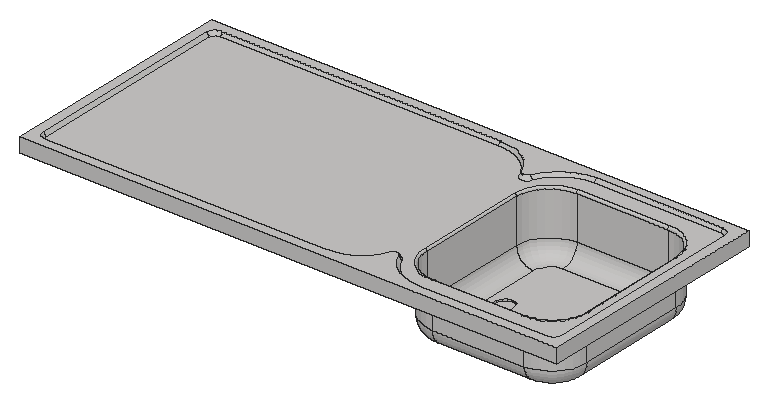
Revit family
Parameters (values of type "1200 X 535")
  Waste Connection Diameter = 40 mm
  Width Of Bowl = 400 mm
  Waste Connection Radius = Waste Connection Diameter / 2  # 20 mm
  Waste Connection = 1 = 1  # yes
  WFU = 0
  Vent Connection = 1 = 0  # no
  URL = "http://www.autospec.co.za/browse.php?id=1937217983"
  Product Code = "SSO-1200-SE"
  OmniClass Title = ""
  OmniClass Number = ""
  Modspec Classification = ""
  Specification = ""
  Material = Stainless Steel Grade 304
  Location (revit room) = ""
  Length Of Bowl = 355 mm
  HW Connection = 1 = 0  # no
  Description = ""
  Depth Of Bowl = 150 mm
  Colour = none
  CW Connection = 1 = 0  # no
  Body Finish = none
  Width = 535 mm
  Model = "Right Hand Sit-On Sink Single End Bowl SSO-1200-SE"
  Manufacturer = "Kwikot"  # constant formula
  Length = 1200 mm
  Assembly Code = "D2010410"
Reference planes
  plane 1 "Center (Front/Back)": y = 0
  plane 2 "Bottom": z = 0
  plane 3 "Center (Left/Right)": x = 0
  plane 4 "Right": x = 1200
  plane 5 "Back": y = 535
  plane 6 "Top": z = 150
  plane 7: z = 118
  plane 8: x = 795
  plane 9: x = 1150
  plane 10: y = 267.5
  plane 11: y = 467.5
  plane 12: y = 67.5
  plane 13: x = 972.5
  plane 14: z = 142
Forms (mm)
  Sweep 1, solid, material "Stainless Steel Grade 304" <- "Material"
    path origin (-60.109, -1524, 150) x (-1, 0, 0) y (0, -1, 0)
      loop
        line (-60.109, -2059) -> (-60.109, -1524) -> (-1260.109, -1524) -> (-1260.109, -2059) -> (-60.109, -2059)
    profile origin (600, 535, 150) x (0, 1, 0) y (0, 0, 1)
      loop
        line (-15, 0) -> (-15, -10.5) -> (-2.5, -10.5) -> (-2.5, -29.5) -> (-10, -29.5) -> (-10, -32) -> (0, -32) -> (0, 0) -> (-15, 0)
  Extrusion 2, solid, material "Stainless Steel Grade 304" <- "Material"
    sketch origin (-60.109, -1524, 150) x (-1, 0, 0) y (0, -1, 0)
      loop
        line (-75.109, -1539) -> (-1245.109, -1539) -> (-1245.109, -2044) -> (-75.109, -2044) -> (-75.109, -1539)
    from 0 to -10.5
  Extrusion 3, void
    sketch origin (-60.109, -1524, 150) x (0, -1, 0) y (-1, 0, 0)
      loop
        line (-1991.5, -930.109) -> (-1991.5, -1135.109)
        arc (-1991.5, -1135.109) -> (-1969.533, -1188.142) -> (-1916.5, -1210.109) r 75
        line (-1916.5, -1210.109) -> (-1666.5, -1210.109)
        arc (-1666.5, -1210.109) -> (-1613.467, -1188.142) -> (-1591.5, -1135.109) r 75
        line (-1591.5, -1135.109) -> (-1591.5, -930.109)
        arc (-1591.5, -930.109) -> (-1613.467, -877.076) -> (-1666.5, -855.109) r 75
        line (-1666.5, -855.109) -> (-1916.5, -855.109)
        arc (-1916.5, -855.109) -> (-1969.533, -877.076) -> (-1991.5, -930.109) r 75
    from 0 to 10.5
  Sweep 4, solid, material "Stainless Steel Grade 304" <- "Material"
    path origin (-60.109, -1524, 150) x (-1, 0, 0) y (0, -1, 0)
      loop
        arc (-930.109, -1991.5) -> (-877.076, -1969.533) -> (-855.109, -1916.5) r 75
        line (-855.109, -1916.5) -> (-855.109, -1666.5)
        arc (-855.109, -1666.5) -> (-877.076, -1613.467) -> (-930.109, -1591.5) r 75
        line (-930.109, -1591.5) -> (-1135.109, -1591.5)
        arc (-1135.109, -1591.5) -> (-1188.142, -1613.467) -> (-1210.109, -1666.5) r 75
        line (-1210.109, -1666.5) -> (-1210.109, -1916.5)
        arc (-1210.109, -1916.5) -> (-1188.142, -1969.533) -> (-1135.109, -1991.5) r 75
        line (-1135.109, -1991.5) -> (-930.109, -1991.5)
    profile origin (972.5, 467.5, 150) x (0, 1, 0) y (0, 0, 1)
      loop
        line (0, -10.5) -> (0, -110)
        arc (0, -110) -> (-10.983, -136.517) -> (-37.5, -147.5) r 37.5
        line (-37.5, -147.5) -> (-37.5, -150)
        arc (-37.5, -150) -> (-9.216, -138.284) -> (2.5, -110) r 40
        line (2.5, -110) -> (2.5, -10.5) -> (0, -10.5)
  Extrusion 5, solid, material "Stainless Steel Grade 304" <- "Material"
    sketch origin (0, 0, 0) x (1, 0, 0) y (0, 1, 0)
      loop
        arc (832.5, 142.5) -> (843.483, 115.983) -> (870, 105) r 37.5
        line (870, 105) -> (1075, 105)
        arc (1075, 105) -> (1101.517, 115.983) -> (1112.5, 142.5) r 37.5
        line (1112.5, 142.5) -> (1112.5, 392.5)
        arc (1112.5, 392.5) -> (1101.517, 419.017) -> (1075, 430) r 37.5
        line (1075, 430) -> (870, 430)
        arc (870, 430) -> (843.483, 419.017) -> (832.5, 392.5) r 37.5
        line (832.5, 392.5) -> (832.5, 142.5)
      loop
        circle (870, 267.5) r 20
    from 0 to 2.5
  Blend 6, void
    base sketch origin (0, 0, 150) x (-1, 0, 0) y (0, -1, 0)
      loop
        line (-20, -495) -> (-20, -40)
        arc (-20, -40) -> (-25.858, -25.858) -> (-40, -20) r 20
        line (-40, -20) -> (-662.5, -20)
        arc (-662.5, -20) -> (-721.199, -37.44) -> (-760.851, -84.103) r 107.5
        arc (-760.851, -84.103) -> (-770, -90.066) -> (-779.149, -84.103) r 10
        arc (-779.149, -84.103) -> (-818.801, -37.44) -> (-877.5, -20) r 107.5
        line (-877.5, -20) -> (-1160, -20)
        arc (-1160, -20) -> (-1174.142, -25.858) -> (-1180, -40) r 20
        line (-1180, -40) -> (-1180, -495)
        arc (-1180, -495) -> (-1174.142, -509.142) -> (-1160, -515) r 20
        line (-1160, -515) -> (-877.5, -515)
        arc (-877.5, -515) -> (-818.801, -497.56) -> (-779.149, -450.897) r 107.5
        arc (-779.149, -450.897) -> (-770, -444.934) -> (-760.851, -450.897) r 10
        arc (-760.851, -450.897) -> (-721.199, -497.56) -> (-662.5, -515) r 107.5
        line (-662.5, -515) -> (-40, -515)
        arc (-40, -515) -> (-25.858, -509.142) -> (-20, -495) r 20
    top sketch origin (0, 0, 150) x (-1, 0, 0) y (0, -1, 0)
      loop
        line (-25, -495) -> (-25, -40)
        arc (-25, -40) -> (-29.393, -29.393) -> (-40, -25) r 15
        line (-40, -25) -> (-662.5, -25)
        arc (-662.5, -25) -> (-718.468, -41.629) -> (-756.277, -86.121) r 102.5
        arc (-756.277, -86.121) -> (-770, -95.066) -> (-783.723, -86.121) r 15
        arc (-783.723, -86.121) -> (-821.532, -41.629) -> (-877.5, -25) r 102.5
        line (-877.5, -25) -> (-1160, -25)
        arc (-1160, -25) -> (-1170.607, -29.393) -> (-1175, -40) r 15
        line (-1175, -40) -> (-1175, -495)
        arc (-1175, -495) -> (-1170.607, -505.607) -> (-1160, -510) r 15
        line (-1160, -510) -> (-877.5, -510)
        arc (-877.5, -510) -> (-821.532, -493.371) -> (-783.723, -448.879) r 102.5
        arc (-783.723, -448.879) -> (-770, -439.934) -> (-756.277, -448.879) r 15
        arc (-756.277, -448.879) -> (-718.468, -493.371) -> (-662.5, -510) r 102.5
        line (-662.5, -510) -> (-40, -510)
        arc (-40, -510) -> (-29.393, -505.607) -> (-25, -495) r 15
    from 0 to -8
  Extrusion 7, solid, material "Stainless Steel Grade 304" <- "Material"
    sketch origin (0, 0, 0) x (1, 0, 0) y (0, 1, 0)
      loop
        circle (870, 267.5) r 20
    from 0 to -5
  Sweep 8, void
    path origin (-60.109, -1524, 150) x (-1, 0, 0) y (0, -1, 0)
      loop
        line (-1135.109, -1991.5) -> (-930.109, -1991.5)
        arc (-930.109, -1991.5) -> (-877.076, -1969.533) -> (-855.109, -1916.5) r 75
        line (-855.109, -1916.5) -> (-855.109, -1666.5)
        arc (-855.109, -1666.5) -> (-877.076, -1613.467) -> (-930.109, -1591.5) r 75
        line (-930.109, -1591.5) -> (-1135.109, -1591.5)
        arc (-1135.109, -1591.5) -> (-1188.142, -1613.467) -> (-1210.109, -1666.5) r 75
        line (-1210.109, -1666.5) -> (-1210.109, -1916.5)
        arc (-1210.109, -1916.5) -> (-1188.142, -1969.533) -> (-1135.109, -1991.5) r 75
    profile origin (972.5, 467.5, 150) x (0, -1, 0) y (0, 0, 1)
      loop
        line (0, -8) -> (-5, -8)
        arc (-5, -8) -> (-1.464, -9.464) -> (0, -13) r 5
        line (0, -13) -> (0, -8)
Cuts and joins
  Extrusion 3, Blend 6, Sweep 8 cuts Sweep 1
  Extrusion 3, Blend 6, Sweep 8 cuts Extrusion 2
  Blend 6, Sweep 8 cuts Sweep 4
  Blend 6, Sweep 8 cuts Extrusion 5
  Sweep 8 cuts Extrusion 7
  joined: Sweep 1, Extrusion 2, Sweep 4, Extrusion 5, Extrusion 7
Lines and regions (mm)
  symbolic lines
    curve 1: line (0, 535, 150) -> (0, 0, 150)
    curve 2: line (0, 0, 150) -> (1200, 0, 150)
    curve 3: line (1200, 0, 150) -> (1200, 535, 150)
    curve 4: line (1200, 535, 150) -> (0, 535, 150)
    curve 5: line (795, 392.5, 150) -> (795, 142.5, 150)
    curve 6: arc (870, 467.5, 150) -> (816.967, 445.533, 150) -> (795, 392.5, 150) r 75
    curve 7: line (1075, 467.5, 150) -> (870, 467.5, 150)
    curve 8: arc (1150, 392.5, 150) -> (1128.033, 445.533, 150) -> (1075, 467.5, 150) r 75
    curve 9: line (1150, 142.5, 150) -> (1150, 392.5, 150)
    curve 10: arc (1075, 67.5, 150) -> (1128.033, 89.467, 150) -> (1150, 142.5, 150) r 75
    curve 11: line (870, 67.5, 150) -> (1075, 67.5, 150)
    curve 12: arc (795, 142.5, 150) -> (816.967, 89.467, 150) -> (870, 67.5, 150) r 75
    curve 29: arc (890, 267.5, 150) -> (870, 247.5, 150) -> (850, 267.5, 150) r 20
    curve 30: arc (850, 267.5, 150) -> (870, 287.5, 150) -> (890, 267.5, 150) r 20
    curve 33: line (20, 40, 150) -> (20, 495, 150)
    curve 34: arc (20, 495, 150) -> (25.858, 509.142, 150) -> (40, 515, 150) r 20
    curve 35: line (40, 515, 150) -> (662.5, 515, 150)
    curve 36: arc (662.5, 515, 150) -> (721.199, 497.56, 150) -> (760.851, 450.897, 150) r 107.5
    curve 37: arc (760.851, 450.897, 150) -> (770, 444.934, 150) -> (779.149, 450.897, 150) r 10
    curve 38: arc (779.149, 450.897, 150) -> (818.801, 497.56, 150) -> (877.5, 515, 150) r 107.5
    curve 39: arc (877.5, 510, 150) -> (821.532, 493.371, 150) -> (783.723, 448.879, 150) r 102.5
    curve 40: arc (783.723, 448.879, 150) -> (770, 439.934, 150) -> (756.277, 448.879, 150) r 15
    curve 41: arc (756.277, 448.879, 150) -> (718.468, 493.371, 150) -> (662.5, 510, 150) r 102.5
    curve 42: line (662.5, 510, 150) -> (40, 510, 150)
    curve 43: arc (40, 510, 150) -> (29.393, 505.607, 150) -> (25, 495, 150) r 15
    curve 44: line (25, 495, 150) -> (25, 40, 150)
    curve 45: line (1160, 510, 150) -> (877.5, 510, 150)
    curve 46: line (877.5, 515, 150) -> (1160, 515, 150)
    curve 47: arc (1175, 495, 150) -> (1170.607, 505.607, 150) -> (1160, 510, 150) r 15
    curve 48: arc (1160, 515, 150) -> (1174.142, 509.142, 150) -> (1180, 495, 150) r 20
    curve 49: line (1175, 40, 150) -> (1175, 495, 150)
    curve 50: line (1180, 495, 150) -> (1180, 40, 150)
    curve 51: arc (1180, 40, 150) -> (1174.142, 25.858, 150) -> (1160, 20, 150) r 20
    curve 52: arc (1160, 25, 150) -> (1170.607, 29.393, 150) -> (1175, 40, 150) r 15
    curve 53: line (1160, 20, 150) -> (877.5, 20, 150)
    curve 54: line (877.5, 25, 150) -> (1160, 25, 150)
    curve 55: arc (877.5, 20, 150) -> (818.801, 37.44, 150) -> (779.149, 84.103, 150) r 107.5
    curve 56: arc (783.723, 86.121, 150) -> (821.532, 41.629, 150) -> (877.5, 25, 150) r 102.5
    curve 57: arc (756.277, 86.121, 150) -> (770, 95.066, 150) -> (783.723, 86.121, 150) r 15
    curve 58: arc (779.149, 84.103, 150) -> (770, 90.066, 150) -> (760.851, 84.103, 150) r 10
    curve 59: arc (760.851, 84.103, 150) -> (721.199, 37.44, 150) -> (662.5, 20, 150) r 107.5
    curve 60: arc (662.5, 25, 150) -> (718.468, 41.629, 150) -> (756.277, 86.121, 150) r 102.5
    curve 61: line (40, 25, 150) -> (662.5, 25, 150)
    curve 62: line (662.5, 20, 150) -> (40, 20, 150)
    curve 63: arc (25, 40, 150) -> (29.393, 29.393, 150) -> (40, 25, 150) r 15
    curve 64: arc (40, 20, 150) -> (25.858, 25.858, 150) -> (20, 40, 150) r 20
  model lines
    curve 13: line (745, 390, 142) -> (745, 140, 142)
    curve 14: line (50, 470, 142) -> (50, 60, 142)
    curve 15: line (50, 470, 142) -> (665, 470, 142)
    curve 16: line (50, 60, 142) -> (665, 60, 142)
    curve 17: line (727.45, 440, 142) -> (50, 440, 142)
    curve 18: line (742.46, 410, 142) -> (50, 410, 142)
    curve 19: line (745, 380, 142) -> (51.271, 380, 142)
    curve 20: line (745, 350, 142) -> (50, 350, 142)
    curve 21: line (745, 320, 142) -> (50, 320, 142)
    curve 22: line (745, 290, 142) -> (50, 290, 142)
    curve 23: line (745, 230, 142) -> (50, 230, 142)
    curve 24: line (745, 200, 142) -> (50, 200, 142)
    curve 25: line (745, 170, 142) -> (50, 170, 142)
    curve 26: line (745, 140, 142) -> (50, 140, 142)
    curve 27: line (739.162, 110, 142) -> (50, 110, 142)
    curve 28: line (717.915, 80, 142) -> (50, 80, 142)
    curve 31: arc (745, 390, 142) -> (721.569, 446.569, 142) -> (665, 470, 142) r 80
    curve 32: arc (745, 140, 142) -> (721.569, 83.431, 142) -> (665, 60, 142) r 80
    curve 65: line (50, 260, 142) -> (745, 260, 142)
Dimensions and locks
  "Length": plane 3 "Center (Left/Right)" to plane 4 "Right"
  "Width": plane 5 "Back" to plane 1 "Center (Front/Back)"
  "Depth Of Bowl": plane 6 "Top" to plane 2 "Bottom"
  equal spacing: plane 1 "Center (Front/Back)", plane 10, plane 5 "Back"
  "Length Of Bowl": plane 8 to plane 9
  "Width Of Bowl": plane 11 to plane 12
  equal spacing: plane 11, plane 10, plane 12
  equal spacing: plane 8, plane 13, plane 9
  plane 6 "Top" to plane 7 = 32 mm
  Sweep 1 sketch curve to plane 5 "Back" = 10 mm
  Sweep 1 sketch curve to plane 5 "Back" = 15 mm
  plane 6 "Top" to Sweep 1 sketch curve = 10.5 mm
  Sweep 1 sketch curve to plane 5 "Back" = 2.5 mm
  plane 7 to Sweep 1 sketch curve = 2.5 mm
  plane 3 "Center (Left/Right)" to Blend 6 sketch curve = 20 mm
  Blend 6 sketch curve to plane 4 "Right" = 20 mm
  plane 5 "Back" to Blend 6 sketch curve = 20 mm
  plane 1 "Center (Front/Back)" to Blend 6 sketch curve = 20 mm
  var sketch to Blend 6 sketch curve = 5 mm  (x3)
  Blend 6 sketch curve to var sketch = 5 mm
  plane 6 "Top" to plane 14 = 8 mm
  plane 9 to plane 4 "Right" = 50 mm
  plane 3 "Center (Left/Right)" to curve 14 = 50 mm
  plane 8 to Extrusion 5 sketch curve = 75 mm
  radius of Extrusion 3 sketch curve = 75 mm  (x4)
  radius of Sweep 4 sketch curve = 37.5 mm
  radius of Sweep 4 sketch curve = 40 mm
  "Waste Connection Radius": radius of Extrusion 5 sketch curve
  radius of Blend 6 sketch curve = 20 mm  (x4)
  radius of Blend 6 sketch curve = 15 mm  (x6)
  radius of Blend 6 sketch curve = 107.5 mm  (x4)
  radius of Blend 6 sketch curve = 10 mm  (x2)
  radius of Blend 6 sketch curve = 102.5 mm  (x4)
  aligned and locked: level to plane 2 "Bottom"
  aligned and locked: Sweep 1 sketch curve to plane 5 "Back"
  aligned and locked: plane 3 "Center (Left/Right)" to Sweep 1 sketch curve
  aligned and locked: Sweep 1 sketch curve to plane 1 "Center (Front/Back)"
  aligned and locked: plane 4 "Right" to Sweep 1 sketch curve
  aligned and locked: Sweep 1 sketch curve to profile plane
  aligned and locked: plane 7 to Sweep 1 sketch curve
  aligned and locked: profile plane to Sweep 1 sketch curve
  aligned and locked: Extrusion 2 sketch curve to Sweep 1  (x4)
  aligned and locked: Sweep 1 to Extrusion 2
  aligned and locked: plane 6 "Top" to Extrusion 2
  aligned and locked: plane 11 to Extrusion 3 sketch curve
  aligned and locked: Extrusion 3 sketch curve to plane 8
  aligned and locked: Extrusion 3 sketch curve to plane 12
  aligned and locked: plane 9 to Extrusion 3 sketch curve
  aligned and locked: Sweep 1 to Extrusion 3
  aligned and locked: plane 6 "Top" to Extrusion 3
  aligned and locked: Sweep 4 sketch curve to cut or joined group of Sweep 1, Extrusion 2, Extrusion 3, Sweep 4, Extrusion 5, Blend 6, Extrusion 7, Sweep 8  (x5)
  aligned and locked: cut or joined group of Sweep 1, Extrusion 2, Extrusion 3, Sweep 4, Extrusion 5, Blend 6, Extrusion 7, Sweep 8 to Sweep 4 sketch curve
  aligned and locked: plane 2 "Bottom" to Sweep 4 sketch curve
  aligned and locked: Extrusion 5 sketch curve to cut or joined group of Sweep 1, Extrusion 2, Extrusion 3, Sweep 4, Extrusion 5, Blend 6, Extrusion 7, Sweep 8  (x4)
  aligned and locked: plane 10 to Extrusion 5 sketch curve
  aligned and locked: curve 1 to cut or joined group of Sweep 1, Extrusion 2, Extrusion 3, Sweep 4, Extrusion 5, Blend 6, Extrusion 7, Sweep 8
  aligned and locked: curve 2 to cut or joined group of Sweep 1, Extrusion 2, Extrusion 3, Sweep 4, Extrusion 5, Blend 6, Extrusion 7, Sweep 8
  aligned and locked: curve 3 to cut or joined group of Sweep 1, Extrusion 2, Extrusion 3, Sweep 4, Extrusion 5, Blend 6, Extrusion 7, Sweep 8
  aligned and locked: curve 4 to cut or joined group of Sweep 1, Extrusion 2, Extrusion 3, Sweep 4, Extrusion 5, Blend 6, Extrusion 7, Sweep 8
  aligned and locked: curve 6 to cut or joined group of Sweep 1, Extrusion 2, Extrusion 3, Sweep 4, Extrusion 5, Blend 6, Extrusion 7, Sweep 8
  aligned and locked: curve 8 to cut or joined group of Sweep 1, Extrusion 2, Extrusion 3, Sweep 4, Extrusion 5, Blend 6, Extrusion 7, Sweep 8
  aligned and locked: curve 10 to cut or joined group of Sweep 1, Extrusion 2, Extrusion 3, Sweep 4, Extrusion 5, Blend 6, Extrusion 7, Sweep 8
  aligned and locked: curve 12 to cut or joined group of Sweep 1, Extrusion 2, Extrusion 3, Sweep 4, Extrusion 5, Blend 6, Extrusion 7, Sweep 8
  aligned and locked: Extrusion 7 sketch curve to cut or joined group of Sweep 1, Extrusion 2, Extrusion 3, Sweep 4, Extrusion 5, Blend 6, Extrusion 7, Sweep 8  (x2)
  aligned and locked: Sweep 8 sketch curve to cut or joined group of Sweep 1, Extrusion 2, Extrusion 3, Sweep 4, Extrusion 5, Blend 6, Extrusion 7, Sweep 8  (x4)
  aligned and locked: profile plane to Sweep 8 sketch curve
  aligned and locked: cut or joined group of Sweep 1, Extrusion 2, Extrusion 3, Sweep 4, Extrusion 5, Blend 6, Extrusion 7, Sweep 8 to Sweep 8 sketch curve
  aligned and locked: Blend 6 to Sweep 8
  aligned and locked: curve 29 to cut or joined group of Sweep 1, Extrusion 2, Extrusion 3, Sweep 4, Extrusion 5, Blend 6, Extrusion 7, Sweep 8
  aligned and locked: curve 30 to cut or joined group of Sweep 1, Extrusion 2, Extrusion 3, Sweep 4, Extrusion 5, Blend 6, Extrusion 7, Sweep 8
  aligned and locked: Blend 6 sketch curve to Blend 6 sketch curve  (x4)
  aligned and locked: curve 34 to cut or joined group of Sweep 1, Extrusion 2, Extrusion 3, Sweep 4, Extrusion 5, Blend 6, Extrusion 7, Sweep 8
  aligned and locked: curve 36 to cut or joined group of Sweep 1, Extrusion 2, Extrusion 3, Sweep 4, Extrusion 5, Blend 6, Extrusion 7, Sweep 8
  aligned and locked: curve 37 to cut or joined group of Sweep 1, Extrusion 2, Extrusion 3, Sweep 4, Extrusion 5, Blend 6, Extrusion 7, Sweep 8
  aligned and locked: curve 38 to cut or joined group of Sweep 1, Extrusion 2, Extrusion 3, Sweep 4, Extrusion 5, Blend 6, Extrusion 7, Sweep 8
  aligned and locked: curve 39 to cut or joined group of Sweep 1, Extrusion 2, Extrusion 3, Sweep 4, Extrusion 5, Blend 6, Extrusion 7, Sweep 8
  aligned and locked: curve 40 to cut or joined group of Sweep 1, Extrusion 2, Extrusion 3, Sweep 4, Extrusion 5, Blend 6, Extrusion 7, Sweep 8
  aligned and locked: curve 41 to cut or joined group of Sweep 1, Extrusion 2, Extrusion 3, Sweep 4, Extrusion 5, Blend 6, Extrusion 7, Sweep 8
  aligned and locked: curve 43 to cut or joined group of Sweep 1, Extrusion 2, Extrusion 3, Sweep 4, Extrusion 5, Blend 6, Extrusion 7, Sweep 8
  aligned and locked: curve 47 to cut or joined group of Sweep 1, Extrusion 2, Extrusion 3, Sweep 4, Extrusion 5, Blend 6, Extrusion 7, Sweep 8
  aligned and locked: curve 48 to cut or joined group of Sweep 1, Extrusion 2, Extrusion 3, Sweep 4, Extrusion 5, Blend 6, Extrusion 7, Sweep 8
  aligned and locked: curve 51 to cut or joined group of Sweep 1, Extrusion 2, Extrusion 3, Sweep 4, Extrusion 5, Blend 6, Extrusion 7, Sweep 8
  aligned and locked: curve 52 to cut or joined group of Sweep 1, Extrusion 2, Extrusion 3, Sweep 4, Extrusion 5, Blend 6, Extrusion 7, Sweep 8
  aligned and locked: curve 55 to cut or joined group of Sweep 1, Extrusion 2, Extrusion 3, Sweep 4, Extrusion 5, Blend 6, Extrusion 7, Sweep 8
  aligned and locked: curve 56 to cut or joined group of Sweep 1, Extrusion 2, Extrusion 3, Sweep 4, Extrusion 5, Blend 6, Extrusion 7, Sweep 8
  aligned and locked: curve 57 to cut or joined group of Sweep 1, Extrusion 2, Extrusion 3, Sweep 4, Extrusion 5, Blend 6, Extrusion 7, Sweep 8
  aligned and locked: curve 58 to cut or joined group of Sweep 1, Extrusion 2, Extrusion 3, Sweep 4, Extrusion 5, Blend 6, Extrusion 7, Sweep 8
  aligned and locked: curve 59 to cut or joined group of Sweep 1, Extrusion 2, Extrusion 3, Sweep 4, Extrusion 5, Blend 6, Extrusion 7, Sweep 8
  aligned and locked: curve 60 to cut or joined group of Sweep 1, Extrusion 2, Extrusion 3, Sweep 4, Extrusion 5, Blend 6, Extrusion 7, Sweep 8
  aligned and locked: curve 63 to cut or joined group of Sweep 1, Extrusion 2, Extrusion 3, Sweep 4, Extrusion 5, Blend 6, Extrusion 7, Sweep 8
  aligned and locked: curve 64 to cut or joined group of Sweep 1, Extrusion 2, Extrusion 3, Sweep 4, Extrusion 5, Blend 6, Extrusion 7, Sweep 8
Automatic sketch dimensions
  Sweep 4 sketch curve to Sweep 4 sketch curve = 0 mm
  profile plane to Sweep 8 sketch curve = 5 mm
  Sweep 8 sketch curve to Sweep 8 sketch curve = 5 mm  (x2)
  Sweep 8 sketch curve to Sweep 8 sketch curve = 0 mm
  Sweep 8 sketch curve to profile plane = 0 mm
  curve 19 to curve 18 = 1.271 mm
  plane 12 to curve 28 = 12.5 mm
  curve 17 to plane 11 = 27.5 mm
  curve 32 to plane 12 = 7.5 mm
  curve 32 to plane 8 = 130 mm
  curve 13 to curve 20 = 40 mm
  curve 20 to curve 21 = 30 mm
  plane 10 to curve 22 = 22.5 mm
  curve 23 to plane 10 = 37.5 mm
  curve 23 to curve 24 = 30 mm
  curve 25 to curve 26 = 30 mm
  curve 31 to curve 18 = 2.54 mm
  curve 18 to curve 17 = 15.01 mm
  curve 31 to plane 8 = 130 mm
  curve 13 to curve 27 = 5.838 mm
  curve 17 to curve 15 = 62.45 mm
  plane 8 to Blend 6 sketch curve = 82.5 mm
  Blend 6 sketch curve to plane 8 = 15.851 mm  (x2)
  Blend 6 sketch curve to Blend 6 sketch curve = 0 mm  (x7)
  Blend 6 sketch curve to Blend 6 sketch curve = 9.149 mm
  Blend 6 sketch curve to Blend 6 sketch curve = 4.037 mm
  Blend 6 sketch curve to plane 8 = 11.277 mm  (x2)
  Blend 6 sketch curve to Blend 6 sketch curve = 13.723 mm  (x2)
  curve 65 to plane 10 = 7.5 mm
  curve 31 to curve 19 = 10 mm
Connectors
  piping at (870, 267.5, -5), driven by "Waste Connection Radius", driven by "WFU"
    settings: on cut or joined group of Sweep 1, Extrusion 2, Extrusion 3, Sweep 4, Extrusion 5, Blend 6, Extrusion 7, Sweep 8, index 1, connector radius 20 mm, flow factor 0, pipe flow 0.0 L/s, pressure drop 0.0 Pa, fitting loss kfactor 0, connector angle 0.00°, fixture units 0, flow configuration 3, flow direction 2, fitting loss method 4, system type 16, connector reference index -1, connector utility 0, adjustable connector no, is connector primary yes, fitting loss table "", connector description "Waste Connection"
